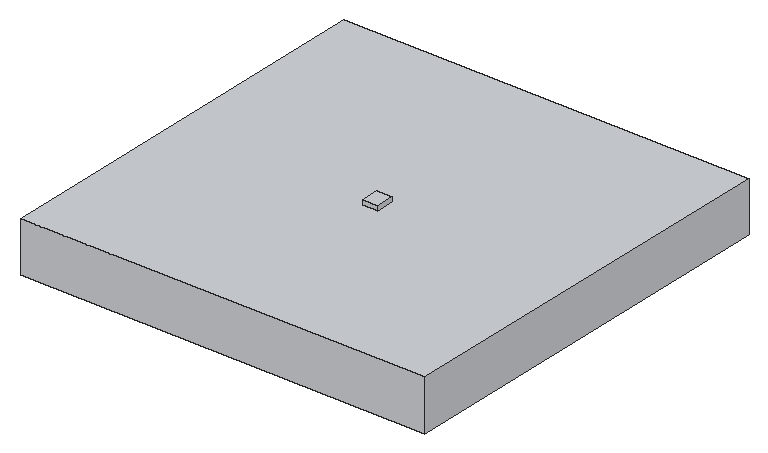
Revit family "M_Indicador remoto do alarme de incêndio", category Equipamento elétrico, Revit 2019
Family settings
  Hospedeiro = Face
  Cota do conector redondo = Utilizar diâmetro
  Tipo de parte = Outros painéis
  Número OmniClass = 23.85.30.21.11.14
  Título OmniClass = Alarm Panels
  ID de item do Seek = Fire Alarm Remote Annunciator-0000-CAN-ENU
  Corte com vazios quando carregada = Não
  Compartilhado = Não
  Ponto de cálculo do ambiente = Não
Parameters (values of type "Padrão")
  Largura = 108 mm
  Material do painel = none
  Comprimento = 92 mm
  Altura = 27 mm
  Elevação-padrão = 1200 mm
Reference planes
  plane 1 "Centro (Frente/Trás)": y = 0
  plane 2: z = 0
  plane 3 "Centro (Esquerda/Direita)": x = 0
  plane 4: x = -46
  plane 5: x = 46
  plane 6: y = -108
  plane 7: z = 27
Forms (mm)
  Extrusion 1, solid
    sketch origin (0, 0, 0) x (1, 0, 0) y (0, 1, 0)
      loop
        line (-1219.2, 1219.2) -> (-1219.2, -1219.2) -> (1219.2, -1219.2) -> (1219.2, 1219.2) -> (-1219.2, 1219.2)
    from 0 to -304.8
  Extrusion 2, solid, material <- "Material do painel"
    sketch origin (0, 0, 0) x (1, 0, 0) y (0, 1, 0)
      loop
        line (-46, 0) -> (-46, -108) -> (46, -108) -> (46, 0) -> (-46, 0)
    from 0 to 27
Dimensions and locks
  "Largura": plane 1 "Centro (Frente/Trás)" to plane 6
  equal spacing: plane 4, plane 3 "Centro (Esquerda/Direita)", plane 5
  "Comprimento": plane 4 to plane 5
  "Altura": plane 7 to plane 2
  aligned and locked: plane 2 to Extrusion 1
  aligned and locked: level to Extrusion 1
  aligned and locked: plane 4 to Extrusion 2 sketch curve
  aligned and locked: plane 1 "Centro (Frente/Trás)" to Extrusion 2 sketch curve
  aligned and locked: plane 6 to Extrusion 2 sketch curve
  aligned and locked: Extrusion 2 sketch curve to plane 5
  aligned and locked: Extrusion 2 to plane 2
  aligned and locked: plane 7 to Extrusion 2
  aligned and locked: plane 5 to Extrusion 2
  aligned and locked: plane 2 to nested 1
  aligned and locked: plane 7 to nested 1
  aligned and locked: plane 4 to nested 1
  aligned and locked: plane 5 to nested 1
Automatic sketch dimensions
  Extrusion 1 sketch curve to Extrusion 1 sketch curve = 2438.4 mm  (x2)
Nested families
  nested 1: "M_Anotação do indicador remoto do alarme de incêndio" at (546.1, 0, -177) x (1, 0, 0) z (0, -1, 0), type "Anotação do indicador remoto do alarme de incêndio", detail levels coarse+medium
    with Largura 27 mm, Comprimento 92 mm
Connectors
  electrical at (0, 0, 13.5)
    settings: on Extrusion 2, index 1, voltage 0 V, apparent load 0 VA, apparent load phase1 0 VA, apparent load phase2 0 VA, apparent load phase3 0 VA, power factor 1, load classification "Outros", number of poles 1, system type 11, power factor state 1, is connector primary yes, connector utility no, sub classification motor no, connector description ""
  cabletrayconduit at (0, 0, 13.5), diameter 600
    settings: on Extrusion 2, index 2, connector width 300 mm, connector height 300 mm, connector angle 0.00°, system type 32, placement type 1, profile type 0, connector reference index -1, is primary connector yes, connector utility param no, connector description ""
  cabletrayconduit at (-46, -54, 13.5), diameter 600
    settings: on Extrusion 2, index 3, connector width 300 mm, connector height 300 mm, connector angle 0.00°, system type 32, placement type 1, profile type 0, connector reference index -1, is primary connector no, connector utility param no, connector description ""
  cabletrayconduit at (46, -54, 13.5), diameter 600
    settings: on Extrusion 2, index 4, connector width 300 mm, connector height 300 mm, connector angle 0.00°, system type 32, placement type 1, profile type 0, connector reference index -1, is primary connector no, connector utility param no, connector description ""
  cabletrayconduit at (0, -54, 0), diameter 600
    settings: on Extrusion 2, index 5, connector width 300 mm, connector height 300 mm, connector angle 0.00°, system type 32, placement type 1, profile type 0, connector reference index -1, is primary connector no, connector utility param no, connector description ""
  cabletrayconduit at (0, -108, 13.5), diameter 600
    settings: on Extrusion 2, index 6, connector width 300 mm, connector height 300 mm, connector angle 0.00°, system type 32, placement type 1, profile type 0, connector reference index -1, is primary connector no, connector utility param no, connector description ""
Definition of nested family "M_Anotação do indicador remoto do alarme de incêndio"
  Parameters
    Largura [instance] = 127 mm
    Comprimento [instance] = 127 mm
    Assembly Code = ""
  Reference planes
    plane 1 "Centro (Frente/Trás)": y = 190.5
    plane 2: z = 0
    plane 3 "Centro (Esquerda/Direita)": x = -546.1
    plane 4: x = -609.6
    plane 5: x = -482.6
    plane 6: y = 254
    plane 7: y = 127
  Lines and regions (mm)
    Filled region 1, type "Preenchimento sólido - Preto", in view "Nível de referência"
      outline origin (-244.151, 207.505, 0) x (1, 0, 0) y (0, 1, 0)
        loop
          line (-301.949, -11.99) -> (-306.485, -11.99)
          arc (-306.485, -11.99) -> (-309.077, -14.28) -> (-307.396, -17.303) r 2.759
          line (-307.396, -17.303) -> (-310.052, -21.392) -> (-308.515, -21.392) -> (-305.988, -17.502) -> (-303.145, -17.502) -> (-303.145, -21.392) -> (-301.949, -21.392) -> (-301.949, -11.99)
        loop
          line (-303.145, -13.119) -> (-306.232, -13.119)
          arc (-306.232, -13.119) -> (-307.78, -14.794) -> (-306.201, -16.44) r 1.663
          line (-306.201, -16.44) -> (-303.145, -16.44) -> (-303.145, -13.119)
        loop
          line (-296.976, -11.99) -> (-300.774, -21.392) -> (-299.394, -21.392) -> (-298.299, -18.538) -> (-294.349, -18.538) -> (-293.324, -21.392) -> (-292.011, -21.392) -> (-295.615, -11.99) -> (-296.976, -11.99)
        loop
          line (-296.252, -12.971) -> (-297.909, -17.523) -> (-294.685, -17.523) -> (-296.252, -12.971)
        loop
          line (-291.816, -11.99) -> (-291.816, -13.119) -> (-286.578, -13.119) -> (-286.578, -16.044) -> (-291.076, -16.044) -> (-291.076, -17.005) -> (-286.455, -17.005) -> (-286.455, -21.392) -> (-285.264, -21.392) -> (-285.264, -11.99) -> (-291.816, -11.99)
        loop
          line (-313.894, -11.99) -> (-315.255, -11.99) -> (-319.054, -21.392) -> (-317.674, -21.392) -> (-316.578, -18.538) -> (-312.629, -18.538) -> (-311.603, -21.392) -> (-310.29, -21.392) -> (-313.894, -11.99)
        loop
          line (-316.188, -17.523) -> (-312.964, -17.523) -> (-314.531, -12.971) -> (-316.188, -17.523)
    detail lines, in view "Nível de referência"
      curve 1: line (-609.6, 254, 0) -> (-482.6, 254, 0)
      curve 2: line (-609.6, 127, 0) -> (-609.6, 254, 0)
      curve 3: line (-482.6, 127, 0) -> (-609.6, 127, 0)
      curve 4: line (-482.6, 254, 0) -> (-482.6, 127, 0)
      curve 5: line (-536.161, 186.113, 0) -> (-537.475, 186.113, 0)
      curve 6: line (-539.765, 195.515, 0) -> (-541.126, 195.515, 0)
      curve 7: line (-541.126, 195.515, 0) -> (-544.925, 186.113, 0)
      curve 8: line (-544.925, 186.113, 0) -> (-543.545, 186.113, 0)
      curve 9: line (-539.765, 195.515, 0) -> (-536.161, 186.113, 0)
      curve 10: line (-543.545, 186.113, 0) -> (-542.449, 188.967, 0)
      curve 11: line (-542.449, 188.967, 0) -> (-538.5, 188.967, 0)
      curve 12: line (-538.5, 188.967, 0) -> (-537.475, 186.113, 0)
      curve 13: line (-542.06, 189.982, 0) -> (-540.403, 194.534, 0)
      curve 14: line (-540.403, 194.534, 0) -> (-538.835, 189.982, 0)
      curve 15: line (-538.835, 189.982, 0) -> (-542.06, 189.982, 0)
      curve 16: line (-535.967, 195.515, 0) -> (-529.415, 195.515, 0)
      curve 17: line (-529.415, 195.515, 0) -> (-529.415, 186.113, 0)
      curve 18: line (-529.415, 186.113, 0) -> (-530.605, 186.113, 0)
      curve 19: line (-530.605, 186.113, 0) -> (-530.605, 190.5, 0)
      curve 20: line (-530.605, 190.5, 0) -> (-535.226, 190.5, 0)
      curve 21: line (-535.226, 190.5, 0) -> (-535.226, 191.461, 0)
      curve 22: line (-535.226, 191.461, 0) -> (-530.729, 191.461, 0)
      curve 23: line (-530.729, 191.461, 0) -> (-530.729, 194.386, 0)
      curve 24: line (-530.729, 194.386, 0) -> (-535.967, 194.386, 0)
      curve 25: line (-535.967, 194.386, 0) -> (-535.967, 195.515, 0)
      curve 26: line (-546.1, 195.515, 0) -> (-546.1, 186.113, 0)
      curve 27: line (-546.1, 186.113, 0) -> (-547.295, 186.113, 0)
      curve 28: line (-547.295, 186.113, 0) -> (-547.295, 190.003, 0)
      curve 29: line (-547.295, 190.003, 0) -> (-550.139, 190.003, 0)
      curve 30: line (-547.295, 191.065, 0) -> (-550.351, 191.065, 0)
      curve 31: line (-547.295, 191.065, 0) -> (-547.295, 194.386, 0)
      curve 32: line (-547.295, 194.386, 0) -> (-550.383, 194.386, 0)
      curve 33: arc (-550.351, 191.065, 0) -> (-551.931, 192.711, 0) -> (-550.383, 194.386, 0) r 1.663
      curve 34: line (-546.1, 195.515, 0) -> (-550.635, 195.515, 0)
      curve 35: arc (-551.546, 190.202, 0) -> (-553.204, 193.349, 0) -> (-550.383, 195.515, 0) r 2.759
      curve 36: line (-552.665, 186.113, 0) -> (-550.139, 190.003, 0)
      curve 37: line (-554.202, 186.113, 0) -> (-551.546, 190.202, 0)
      curve 38: line (-552.665, 186.113, 0) -> (-554.202, 186.113, 0)
      curve 39: line (-554.441, 186.113, 0) -> (-555.754, 186.113, 0)
      curve 40: line (-558.044, 195.515, 0) -> (-559.406, 195.515, 0)
      curve 41: line (-559.406, 195.515, 0) -> (-563.204, 186.113, 0)
      curve 42: line (-563.204, 186.113, 0) -> (-561.824, 186.113, 0)
      curve 43: line (-558.044, 195.515, 0) -> (-554.441, 186.113, 0)
      curve 44: line (-561.824, 186.113, 0) -> (-560.728, 188.967, 0)
      curve 45: line (-560.728, 188.967, 0) -> (-556.779, 188.967, 0)
      curve 46: line (-556.779, 188.967, 0) -> (-555.754, 186.113, 0)
      curve 47: line (-560.339, 189.982, 0) -> (-558.682, 194.534, 0)
      curve 48: line (-558.682, 194.534, 0) -> (-557.115, 189.982, 0)
      curve 49: line (-557.115, 189.982, 0) -> (-560.339, 189.982, 0)
  Dimensions and locks
    equal spacing: plane 4, plane 3 "Centro (Esquerda/Direita)", plane 5
    "Comprimento": plane 4 to plane 5
    equal spacing: plane 6, plane 1 "Centro (Frente/Trás)", plane 7
    "Largura": plane 6 to plane 7
    aligned and locked: plane 4 to curve 1
    aligned and locked: curve 1 to plane 6
    aligned and locked: plane 7 to curve 4
    aligned and locked: curve 4 to plane 5
    aligned and locked: Filled region 1 sketch curve to curve 34
    aligned and locked: Filled region 1 sketch curve to curve 35
    aligned and locked: Filled region 1 sketch curve to curve 32
    aligned and locked: Filled region 1 sketch curve to curve 33
    aligned and locked: Filled region 1 sketch curve to curve 30
    aligned and locked: Filled region 1 sketch curve to curve 31
    aligned and locked: Filled region 1 sketch curve to curve 26
    aligned and locked: Filled region 1 sketch curve to curve 27
    aligned and locked: Filled region 1 sketch curve to curve 28
    aligned and locked: Filled region 1 sketch curve to curve 36
    aligned and locked: Filled region 1 sketch curve to curve 37
    aligned and locked: Filled region 1 sketch curve to curve 38
    aligned and locked: Filled region 1 sketch curve to curve 7
    aligned and locked: Filled region 1 sketch curve to curve 6
    aligned and locked: Filled region 1 sketch curve to curve 9
    aligned and locked: Filled region 1 sketch curve to curve 5
    aligned and locked: Filled region 1 sketch curve to curve 14
    aligned and locked: Filled region 1 sketch curve to curve 13
    aligned and locked: Filled region 1 sketch curve to curve 12
    aligned and locked: Filled region 1 sketch curve to curve 15
    aligned and locked: Filled region 1 sketch curve to curve 11
    aligned and locked: Filled region 1 sketch curve to curve 10
    aligned and locked: Filled region 1 sketch curve to curve 8
    aligned and locked: Filled region 1 sketch curve to curve 16
    aligned and locked: Filled region 1 sketch curve to curve 25
    aligned and locked: Filled region 1 sketch curve to curve 24
    aligned and locked: Filled region 1 sketch curve to curve 23
    aligned and locked: Filled region 1 sketch curve to curve 17
    aligned and locked: Filled region 1 sketch curve to curve 18
    aligned and locked: Filled region 1 sketch curve to curve 19
    aligned and locked: Filled region 1 sketch curve to curve 20
    aligned and locked: Filled region 1 sketch curve to curve 22
    aligned and locked: Filled region 1 sketch curve to curve 21
    aligned and locked: Filled region 1 sketch curve to curve 29
    aligned and locked: Filled region 1 sketch curve to curve 40
    aligned and locked: Filled region 1 sketch curve to curve 41
    aligned and locked: Filled region 1 sketch curve to curve 47
    aligned and locked: Filled region 1 sketch curve to curve 48
    aligned and locked: Filled region 1 sketch curve to curve 43
    aligned and locked: Filled region 1 sketch curve to curve 49
    aligned and locked: Filled region 1 sketch curve to curve 45
    aligned and locked: Filled region 1 sketch curve to curve 44
    aligned and locked: Filled region 1 sketch curve to curve 42
    aligned and locked: Filled region 1 sketch curve to curve 46
    aligned and locked: Filled region 1 sketch curve to curve 39
    aligned and locked: curve 26 to plane 3 "Centro (Esquerda/Direita)"
    aligned and locked: curve 20 to plane 1 "Centro (Frente/Trás)"
  Automatic sketch dimensions
    curve 41 to plane 3 "Centro (Esquerda/Direita)" = 17.104 mm
    curve 41 to curve 44 = 1.38 mm
    plane 1 "Centro (Frente/Trás)" to curve 47 = 0.518 mm
    curve 44 to curve 47 = 0.39 mm
    curve 41 to plane 3 "Centro (Esquerda/Direita)" = 13.306 mm
    curve 40 to curve 48 = 0.724 mm
    curve 47 to curve 40 = 0.638 mm
    curve 47 to curve 49 = 3.224 mm
    curve 48 to curve 45 = 0.335 mm
    curve 45 to curve 46 = 1.025 mm
    curve 39 to curve 39 = 1.313 mm
    plane 1 "Centro (Frente/Trás)" to curve 37 = 4.387 mm
    curve 39 to curve 37 = 0.239 mm
    curve 37 to curve 38 = 1.537 mm
    plane 1 "Centro (Frente/Trás)" to curve 35 = 0.298 mm
    curve 36 to curve 35 = 1.119 mm
    curve 37 to curve 34 = 0.911 mm
    curve 34 to curve 35 = 0.126 mm
    curve 33 to curve 35 = 0 mm
    curve 33 to plane 1 "Centro (Frente/Trás)" = 0.565 mm
    curve 37 to curve 33 = 1.195 mm
    curve 35 to curve 33 = 0.242 mm
    plane 1 "Centro (Frente/Trás)" to curve 36 = 0.497 mm
    curve 30 to curve 36 = 0.212 mm
    curve 33 to curve 31 = 3.088 mm
    curve 29 to curve 30 = 0 mm
    curve 27 to curve 26 = 1.195 mm
    plane 1 "Centro (Frente/Trás)" to curve 7 = 4.387 mm
    curve 26 to curve 7 = 1.175 mm
    curve 7 to curve 8 = 1.38 mm
    curve 8 to curve 11 = 1.096 mm
    plane 1 "Centro (Frente/Trás)" to curve 15 = 0.518 mm
    curve 10 to curve 15 = 0.39 mm
    curve 26 to curve 6 = 4.974 mm
    curve 14 to plane 1 "Centro (Frente/Trás)" = 4.034 mm
    curve 6 to curve 14 = 0.724 mm
    curve 13 to curve 6 = 0.638 mm
    curve 13 to curve 15 = 3.224 mm
    plane 1 "Centro (Frente/Trás)" to curve 12 = 1.533 mm
    curve 14 to curve 12 = 0.335 mm
    plane 1 "Centro (Frente/Trás)" to curve 12 = 4.387 mm
    curve 11 to curve 12 = 1.025 mm
    curve 5 to curve 5 = 1.313 mm
    curve 6 to curve 25 = 3.798 mm
    curve 22 to plane 1 "Centro (Frente/Trás)" = 0.961 mm
    curve 24 to curve 22 = 0.741 mm
    curve 21 to curve 22 = 4.498 mm
    curve 22 to curve 19 = 0.123 mm
    curve 23 to curve 16 = 1.314 mm
    curve 39 to curve 37 = 0 mm
    plane 1 "Centro (Frente/Trás)" to curve 41 = 4.387 mm
    curve 27 to curve 7 = 0 mm
    curve 19 to curve 19 = 4.387 mm
    curve 46 to curve 48 = 1.015 mm
    curve 30 to curve 33 = 1.661 mm
    curve 33 to curve 35 = 0.032 mm
    curve 22 to curve 23 = 2.925 mm
    curve 47 to plane 1 "Centro (Frente/Trás)" = 4.034 mm
    curve 47 to curve 40 = 0.98 mm
    curve 24 to curve 25 = 1.129 mm
    curve 13 to curve 9 = 0.98 mm
    Filled region 1 sketch curve to plane 1 "Centro (Frente/Trás)" = 4.034 mm
    Filled region 1 sketch curve to Filled region 1 sketch curve = 0.39 mm
